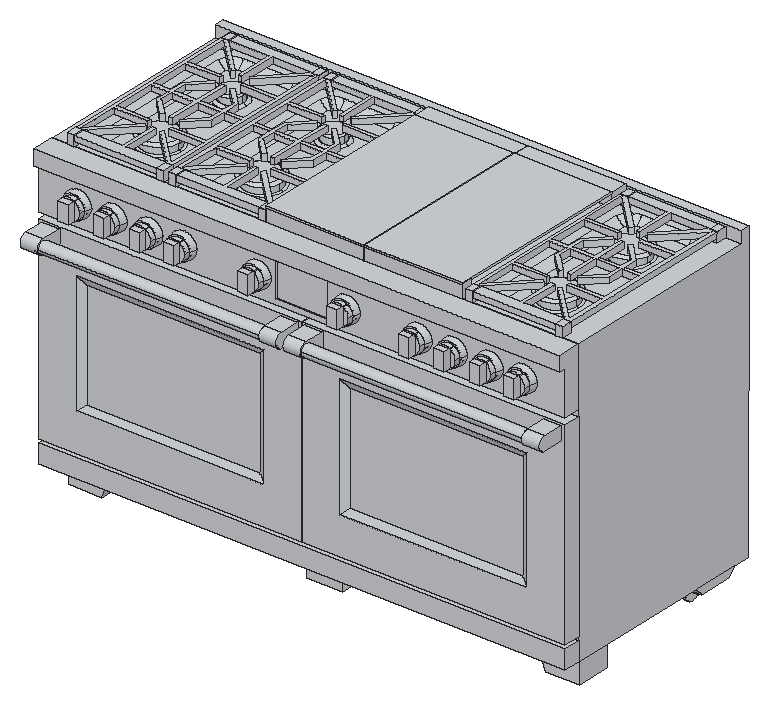
Revit family "DF60650DG_S_P", category Generic Models, Revit 2020
Family settings
  Can host rebar = No
  Round Connector Dimension = Use Diameter
  Part Type = Normal
  Work Plane-Based = No
  Always vertical = Yes
  Cut with Voids When Loaded = No
  Shared = No
  Room Calculation Point = No
Parameters
  Default Elevation = 0' - 0"
Reference planes (in)
  plane 1 "Center (Front/Back)": y = 0
  plane 2: z = 0
  plane 3 "Center (Left/Right)": x = 0
Forms (in)
  Extrusion 1, solid
    sketch origin (0, 0, 0) x (0, 1, 0) y (0, 0, 1)
      loop
        line (1.88976, 35.59055) -> (-0.70866, 35.59055) -> (-0.70866, 33.89764) -> (0, 33.89764) -> (0, 28.9252) -> (1.88976, 28.9252) -> (1.88976, 35.59055)
    from 0 to 59.88189
  Extrusion 2, solid
    sketch origin (0, 0, 0) x (0, 1, 0) y (0, 0, 1)
      loop
        line (26.14173, 36.9685) -> (25.15748, 36.9685) -> (25.15748, 35.59055) -> (1.9685, 35.59055) -> (1.9685, 3.14961) -> (26.14173, 3.14961) -> (26.14173, 36.9685)
    from 0 to 59.88189
  Extrusion 3, solid
    sketch origin (0, 0, 0) x (0, 1, 0) y (0, 0, 1)
      loop
        line (1.9685, 5.31496) -> (0, 5.31496) -> (0, 3.14961) -> (1.9685, 3.14961) -> (1.9685, 5.31496)
    from 0 to 59.88189
  Extrusion 4, solid
    sketch origin (0, 0, 0) x (0, 1, 0) y (0, 0, 1)
      loop
        line (0, 28.18898) -> (0, 5.70866) -> (1.9685, 5.70866) -> (1.9685, 28.18898) -> (0, 28.18898)
    from 0 to 29.94095
  Extrusion 5, solid
    sketch origin (0, 0, 0) x (0, 1, 0) y (0, 0, 1)
      loop
        line (0, 26.41732) -> (0, 27.99213) -> (-2.3622, 27.99213)
        arc (-2.3622, 27.99213) -> (-3.14961, 27.20472) -> (-2.3622, 26.41732) r 0.7874
        line (-2.3622, 26.41732) -> (0, 26.41732)
    from 0.40557 to 2.36419
  Extrusion 6, solid
    sketch origin (26.75, 0, 0) x (0, 1, 0) y (0, 0, 1)
      loop
        line (0, 26.41732) -> (0, 27.99213) -> (-2.3622, 27.99213)
        arc (-2.3622, 27.99213) -> (-3.14961, 27.20472) -> (-2.3622, 26.41732) r 0.7874
        line (-2.3622, 26.41732) -> (0, 26.41732)
    from 0.82874 to 2.76772
  Extrusion 7, solid
    sketch origin (0, 0, 0) x (0, 1, 0) y (0, 0, 1)
      loop
        circle (-2.41707, 27.24489) r 0.66649
    from 1.8261 to 27.57874
  Extrusion 8, solid
    sketch origin (0, 0, 0) x (1, 0, 0) y (0, 0, 1)
      loop
        line (0.84646, 3.14961) -> (0.84646, 0) -> (4.66535, 0) -> (5.90551, 3.14961) -> (0.84646, 3.14961)
    from -7.02923 to -3.18791
  Extrusion 9, solid
    sketch origin (30, 0, 0) x (1, 0, 0) y (0, 0, 1)
      loop
        line (23.97638, 3.14961) -> (25.21654, 0) -> (29.03543, 0) -> (29.03543, 3.14961) -> (23.97638, 3.14961)
    from -7.02923 to -3.18791
  Extrusion 10, solid
    sketch origin (0, 0, 0) x (0, 1, 0) y (0, 0, 1)
      loop
        line (24.17323, 3.14961) -> (18.66142, 3.14961) -> (19.45248, 2.27893) -> (23.38927, 2.27893) -> (24.17323, 3.14961)
    from 0 to 4.72441
  Extrusion 11, solid
    sketch origin (0, 0, 0) x (0, 1, 0) y (0, 0, 1)
      loop
        line (22.5954, 2.27893) -> (20.23924, 2.27893) -> (21.02362, 1.10236) -> (21.81102, 1.10236) -> (22.5954, 2.27893)
    from 1.5748 to 3.93701
  Extrusion 12, solid
    sketch origin (0, 0, 0) x (0, 1, 0) y (0, 0, 1)
      loop
        circle (21.41732, 1.10236) r 1.1236
    from 2.55906 to 2.95276
  Extrusion 13, solid
    sketch origin (55.15748, 0, 0) x (0, 1, 0) y (0, 0, 1)
      loop
        line (24.17323, 3.14961) -> (18.66142, 3.14961) -> (19.45248, 2.27893) -> (23.38927, 2.27893) -> (24.17323, 3.14961)
    from 0 to 4.72441
  Extrusion 14, solid
    sketch origin (54.3731, 0, 0) x (0, 1, 0) y (0, 0, 1)
      loop
        line (22.5954, 2.27893) -> (20.23924, 2.27893) -> (21.02362, 1.10236) -> (21.81102, 1.10236) -> (22.5954, 2.27893)
    from 1.5748 to 3.93701
  Extrusion 15, solid
    sketch origin (54.3731, 0, 0) x (0, 1, 0) y (0, 0, 1)
      loop
        circle (21.41732, 1.10236) r 1.1236
    from 2.55906 to 2.95276
  Blend 16, solid
    base sketch origin (0.90551, 0, 0) x (1, 0, 0) y (0, 0, 1)
      loop
        circle (3.62205, 31.31299) r 1.45314
    top sketch origin (0.90551, 0, 0) x (1, 0, 0) y (0, 0, 1)
      loop
        circle (3.62205, 31.31299) r 1.33532
    from 0 to 0.7874
  Extrusion 17, solid
    sketch origin (0.90551, 0, 0) x (1, 0, 0) y (0, 0, 1)
      loop
        circle (3.62205, 31.31299) r 1.21601
    from 0 to 1.37795
  Extrusion 18, solid
    sketch origin (0.90551, 0, 0) x (1, 0, 0) y (0, 0, 1)
      loop
        line (3.0315, 32.37598) -> (3.0315, 30.29013) -> (4.2126, 30.29013) -> (4.2126, 32.37598) -> (3.0315, 32.37598)
    from 0 to 2.15573
  Blend 19, solid, not visible
    base sketch origin (0, 0, 0) x (1, 0, 0) y (0, 0, 1)
      loop
        circle (3.62205, 31.31299) r 1.45314
    top sketch origin (0, 0, 0) x (1, 0, 0) y (0, 0, 1)
      loop
        circle (3.62205, 31.31299) r 1.33532
    from 0 to 0.7874
  Extrusion 20, solid, not visible
    sketch origin (0, 0, 0) x (1, 0, 0) y (0, 0, 1)
      loop
        circle (3.62205, 31.31299) r 1.21601
    from 0 to 1.37795
  Extrusion 21, solid, not visible
    sketch origin (0, 0, 0) x (1, 0, 0) y (0, 0, 1)
      loop
        line (3.0315, 32.37598) -> (3.0315, 30.29013) -> (4.2126, 30.29013) -> (4.2126, 32.37598) -> (3.0315, 32.37598)
    from 0 to 2.15573
  Blend 22, solid
    base sketch origin (4.92126, 0, 0) x (1, 0, 0) y (0, 0, 1)
      loop
        circle (3.62205, 31.31299) r 1.45314
    top sketch origin (4.92126, 0, 0) x (1, 0, 0) y (0, 0, 1)
      loop
        circle (3.62205, 31.31299) r 1.33532
    from 0 to 0.7874
  Extrusion 23, solid
    sketch origin (4.92126, 0, 0) x (1, 0, 0) y (0, 0, 1)
      loop
        circle (3.62205, 31.31299) r 1.21601
    from 0 to 1.37795
  Extrusion 24, solid
    sketch origin (4.92126, 0, 0) x (1, 0, 0) y (0, 0, 1)
      loop
        line (3.0315, 32.37598) -> (3.0315, 30.29013) -> (4.2126, 30.29013) -> (4.2126, 32.37598) -> (3.0315, 32.37598)
    from 0 to 2.15573
  Blend 25, solid
    base sketch origin (9.00306, 0, 0) x (1, 0, 0) y (0, 0, 1)
      loop
        circle (3.62205, 31.31299) r 1.45314
    top sketch origin (9.00306, 0, 0) x (1, 0, 0) y (0, 0, 1)
      loop
        circle (3.62205, 31.31299) r 1.33532
    from 0 to 0.7874
  Extrusion 26, solid
    sketch origin (9.00306, 0, 0) x (1, 0, 0) y (0, 0, 1)
      loop
        circle (3.62205, 31.31299) r 1.21601
    from 0 to 1.37795
  Extrusion 27, solid
    sketch origin (9.00306, 0, 0) x (1, 0, 0) y (0, 0, 1)
      loop
        line (3.0315, 32.37598) -> (3.0315, 30.29013) -> (4.2126, 30.29013) -> (4.2126, 32.37598) -> (3.0315, 32.37598)
    from 0 to 2.15573
  Blend 28, solid
    base sketch origin (12.87907, 0, 0) x (1, 0, 0) y (0, 0, 1)
      loop
        circle (3.62205, 31.31299) r 1.45314
    top sketch origin (12.87907, 0, 0) x (1, 0, 0) y (0, 0, 1)
      loop
        circle (3.62205, 31.31299) r 1.33532
    from 0 to 0.7874
  Extrusion 29, solid
    sketch origin (12.87907, 0, 0) x (1, 0, 0) y (0, 0, 1)
      loop
        circle (3.62205, 31.31299) r 1.21601
    from 0 to 1.37795
  Extrusion 30, solid
    sketch origin (12.87907, 0, 0) x (1, 0, 0) y (0, 0, 1)
      loop
        line (3.0315, 32.37598) -> (3.0315, 30.29013) -> (4.2126, 30.29013) -> (4.2126, 32.37598) -> (3.0315, 32.37598)
    from 0 to 2.15573
  Blend 31, solid
    base sketch origin (21.34072, 0, 0) x (1, 0, 0) y (0, 0, 1)
      loop
        circle (3.62205, 31.31299) r 1.45314
    top sketch origin (21.34072, 0, 0) x (1, 0, 0) y (0, 0, 1)
      loop
        circle (3.62205, 31.31299) r 1.33532
    from 0 to 0.7874
  Extrusion 32, solid
    sketch origin (21.34072, 0, 0) x (1, 0, 0) y (0, 0, 1)
      loop
        circle (3.62205, 31.31299) r 1.21601
    from 0 to 1.37795
  Extrusion 33, solid
    sketch origin (21.34072, 0, 0) x (1, 0, 0) y (0, 0, 1)
      loop
        line (3.0315, 32.37598) -> (3.0315, 30.29013) -> (4.2126, 30.29013) -> (4.2126, 32.37598) -> (3.0315, 32.37598)
    from 0 to 2.15573
  Extrusion 34, void
    sketch origin (0, 0, 0) x (1, 0, 0) y (0, 0, 1)
      loop
        line (32.92469, 33.47638) -> (26.96054, 33.47638) -> (26.96054, 29.46063) -> (32.92469, 29.46063) -> (32.92469, 33.47638)
    from -0.22861 to 12
  Blend 35, void
    base sketch origin (0, 0, 0) x (1, 0, 0) y (0, 0, 1)
      loop
        line (5.09843, 23.05118) -> (5.09843, 10.84646) -> (24.83268, 10.84646) -> (24.83268, 23.05118) -> (5.09843, 23.05118)
    top sketch origin (0, 0, 0) x (1, 0, 0) y (0, 0, 1)
      loop
        line (25.62008, 23.83858) -> (4.31102, 23.83858) -> (4.31102, 10.05905) -> (25.62008, 10.05905) -> (25.62008, 23.83858)
    from -0.3937 to 0
  Blend 36, void
    base sketch origin (0.17716, 0, 0) x (1, 0, 0) y (0, 1, 0)
      loop
        arc (4.14855, 22.95276) -> (3.56747, 22.71206) -> (3.32677, 22.13098) r 0.82178
        line (3.32677, 22.13098) -> (3.32677, 4.8769)
        arc (3.32677, 4.8769) -> (3.56747, 4.29581) -> (4.14855, 4.05512) r 0.82178
        line (4.14855, 4.05512) -> (9.98531, 4.05512)
        arc (9.98531, 4.05512) -> (10.56639, 4.29581) -> (10.80709, 4.8769) r 0.82178
        line (10.80709, 4.8769) -> (10.80709, 22.13098)
        arc (10.80709, 22.13098) -> (10.56639, 22.71206) -> (9.98531, 22.95276) r 0.82178
        line (9.98531, 22.95276) -> (4.14855, 22.95276)
    top sketch origin (0.17716, 0, 0) x (1, 0, 0) y (0, 1, 0)
      loop
        arc (4.12346, 23.74016) -> (2.98272, 23.26764) -> (2.5102, 22.1269) r 1.61326
        line (2.5102, 22.1269) -> (2.5102, 4.8769)
        arc (2.5102, 4.8769) -> (2.98101, 3.74026) -> (4.11765, 3.26945) r 1.60744
        line (4.11765, 3.26945) -> (10.0306, 3.26945)
        arc (10.0306, 3.26945) -> (11.13644, 3.7275) -> (11.59449, 4.83334) r 1.56388
        line (11.59449, 4.83334) -> (11.59449, 22.13098)
        arc (11.59449, 22.13098) -> (11.12317, 23.26884) -> (9.98531, 23.74016) r 1.60918
        line (9.98531, 23.74016) -> (4.12346, 23.74016)
    from 34.80848 to 35.59055
  Extrusion 37, solid
    sketch origin (0.17716, 0, 0) x (1, 0, 0) y (0, 1, 0)
      loop
        line (1.55512, 25.15748) -> (1.55512, 1.88976) -> (12.57874, 1.88976) -> (12.57874, 25.15748) -> (1.55512, 25.15748)
      loop
        line (2.22659, 23.93701) -> (6.25887, 19.90473) -> (5.97639, 19.62225) -> (1.94342, 23.65522) -> (1.94342, 18.58268) -> (5.88583, 18.58268) -> (5.88583, 18.18898) -> (1.94342, 18.18898) -> (1.94342, 13.70079) -> (3.91732, 13.70079) -> (3.91732, 15.35713) -> (5.94192, 17.38172) -> (6.22031, 17.10333) -> (4.31102, 15.19405) -> (4.31102, 13.70079) -> (6.87008, 13.70079) -> (6.87008, 17.27886) -> (7.26545, 17.27886) -> (7.26545, 13.70079) -> (9.82036, 13.70079) -> (9.82036, 15.19738) -> (7.91548, 17.10225) -> (8.19345, 17.38021) -> (10.21654, 15.35713) -> (10.21654, 13.70079) -> (12.18504, 13.70079) -> (12.18504, 18.18898) -> (8.24803, 18.18898) -> (8.24803, 18.58268) -> (12.18504, 18.58268) -> (12.18504, 23.65908) -> (8.15161, 19.62565) -> (7.86344, 19.91382) -> (11.88664, 23.93701) -> (7.26378, 23.93701) -> (7.26378, 19.6063) -> (6.87008, 19.6063) -> (6.87008, 23.93701) -> (2.22659, 23.93701)
      loop
        line (9.82036, 11.79288) -> (9.82036, 13.30709) -> (7.26545, 13.30709) -> (7.26545, 9.74409) -> (6.87008, 9.74409) -> (6.87008, 13.30709) -> (4.31102, 13.30709) -> (4.31102, 11.81382) -> (6.22187, 9.90297) -> (5.94348, 9.62459) -> (3.91732, 11.65075) -> (3.91732, 13.31073) -> (1.94342, 13.31073) -> (1.94342, 8.38583) -> (5.88583, 8.38583) -> (5.88583, 7.99213) -> (1.94342, 7.99213) -> (1.94342, 3.37305) -> (5.97438, 7.40401) -> (6.26736, 7.11102) -> (2.22655, 3.07021) -> (6.86986, 3.07021) -> (6.86986, 7.40401) -> (7.26545, 7.40401) -> (7.26545, 3.07021) -> (11.90457, 3.07021) -> (7.84812, 7.12666) -> (8.11918, 7.39772) -> (12.18504, 3.33186) -> (12.18504, 7.99213) -> (8.24803, 7.99213) -> (8.24803, 8.38583) -> (12.18504, 8.38583) -> (12.18504, 13.30709) -> (10.21654, 13.30709) -> (10.21654, 11.65075) -> (8.19038, 9.62459) -> (7.92122, 9.89374) -> (9.82036, 11.79288)
    from 36.10253 to 36.77165
  Extrusion 38, solid
    sketch origin (0.17716, 0, 0) x (1, 0, 0) y (0, 1, 0)
      loop
        line (11.79134, 3.07021) -> (11.79134, 1.88976) -> (12.57874, 1.88976) -> (12.57874, 3.07021) -> (11.79134, 3.07021)
      loop
        line (12.57874, 25.11811) -> (11.79134, 25.11811) -> (11.79134, 23.93701) -> (12.57874, 23.93701) -> (12.57874, 25.11811)
      loop
        line (1.55512, 25.11811) -> (1.55512, 23.93701) -> (2.34252, 23.93701) -> (2.34252, 25.11811) -> (1.55512, 25.11811)
      loop
        line (2.34252, 3.07021) -> (1.55512, 3.07021) -> (1.55512, 1.88976) -> (2.34252, 1.88976) -> (2.34252, 3.07021)
    from 35.59055 to 36.77165
  Extrusion 39, solid
    sketch origin (45.5315, 0, 0) x (1, 0, 0) y (0, 1, 0)
      loop
        line (11.79134, 3.07021) -> (11.79134, 1.88976) -> (12.57874, 1.88976) -> (12.57874, 3.07021) -> (11.79134, 3.07021)
      loop
        line (12.57874, 25.11811) -> (11.79134, 25.11811) -> (11.79134, 23.93701) -> (12.57874, 23.93701) -> (12.57874, 25.11811)
      loop
        line (1.55512, 25.11811) -> (1.55512, 23.93701) -> (2.34252, 23.93701) -> (2.34252, 25.11811) -> (1.55512, 25.11811)
      loop
        line (2.34252, 3.07021) -> (1.55512, 3.07021) -> (1.55512, 1.88976) -> (2.34252, 1.88976) -> (2.34252, 3.07021)
    from 35.59055 to 36.77165
  Blend 40, solid
    base sketch origin (0.17716, 0, 0) x (1, 0, 0) y (0, 1, 0)
      loop
        circle (7.09071, 18.35456) r 1.75898
    top sketch origin (0.17716, 0, 0) x (1, 0, 0) y (0, 1, 0)
      loop
        circle (7.09071, 18.35456) r 1.42487
    from 34.80848 to 34.99711
  Blend 41, solid
    base sketch origin (0.17716, -10.19685, 0) x (1, 0, 0) y (0, 1, 0)
      loop
        circle (7.09071, 18.35456) r 2.38325
    top sketch origin (0.17716, -10.19685, 0) x (1, 0, 0) y (0, 1, 0)
      loop
        circle (7.09071, 18.35456) r 2
    from 34.80848 to 34.99711
  Extrusion 42, solid
    sketch origin (0.17716, 0, 0) x (1, 0, 0) y (0, 1, 0)
      loop
        circle (7.10752, 18.34098) r 1.28657
    from 34.80848 to 35.7874
  Extrusion 43, solid
    sketch origin (0.17716, -10.19685, 0) x (1, 0, 0) y (0, 1, 0)
      loop
        circle (7.10752, 18.34098) r 2.08832
    from 34.80848 to 35.7874
  Blend 44, solid
    base sketch origin (0.17716, 0, 0.97892) x (1, 0, 0) y (0, 1, 0)
      loop
        circle (7.09071, 18.35456) r 1.42487
    top sketch origin (0.17716, 0, 0.97892) x (1, 0, 0) y (0, 1, 0)
      loop
        circle (7.09071, 18.35456) r 1.25
    from 34.80848 to 34.99711
  Blend 45, solid
    base sketch origin (0.17716, -10.19685, 0.97892) x (1, 0, 0) y (0, 1, 0)
      loop
        circle (7.09071, 18.35456) r 2.38325
    top sketch origin (0.17716, -10.19685, 0.97892) x (1, 0, 0) y (0, 1, 0)
      loop
        circle (7.09071, 18.35456) r 2
    from 34.80848 to 34.99711
  Extrusion 46, solid
    sketch origin (27.97244, 0, 0) x (0, 1, 0) y (0, 0, 1)
      loop
        line (24.17323, 3.14961) -> (18.66142, 3.14961) -> (19.45248, 2.27893) -> (23.38927, 2.27893) -> (24.17323, 3.14961)
    from -0.7874 to 4.72441
  Extrusion 47, solid
    sketch origin (27.18504, 0, 0) x (0, 1, 0) y (0, 0, 1)
      loop
        line (22.5954, 2.27893) -> (20.23924, 2.27893) -> (21.02362, 1.10236) -> (21.81102, 1.10236) -> (22.5954, 2.27893)
    from 1.5748 to 3.93701
  Extrusion 48, solid
    sketch origin (27.18504, 0, 0) x (0, 1, 0) y (0, 0, 1)
      loop
        circle (21.41732, 1.10236) r 1.1236
    from 2.55906 to 2.95276
  Extrusion 49, solid
    sketch origin (12.14567, 0, 0) x (1, 0, 0) y (0, 0, 1)
      loop
        line (15.82677, 0) -> (19.96063, 0) -> (19.96063, 3.14961) -> (15.82677, 3.14961) -> (15.82677, 0)
    from -7.02923 to -3.18791
  Extrusion 50, solid
    sketch origin (30, 0, 0) x (0, 1, 0) y (0, 0, 1)
      loop
        line (0, 28.18898) -> (0, 5.70866) -> (1.9685, 5.70866) -> (1.9685, 28.18898) -> (0, 28.18898)
    from -0.05905 to 29.88189
  Blend 51, void
    base sketch origin (30, 0, 0) x (1, 0, 0) y (0, 0, 1)
      loop
        line (5.04921, 23.05118) -> (5.04921, 10.84646) -> (24.77362, 10.84646) -> (24.77362, 23.05118) -> (5.04921, 23.05118)
    top sketch origin (30, 0, 0) x (1, 0, 0) y (0, 0, 1)
      loop
        line (25.56103, 23.83858) -> (4.26181, 23.83858) -> (4.26181, 10.05905) -> (25.56103, 10.05905) -> (25.56103, 23.83858)
    from -0.3937 to 0
  Extrusion 52, solid
    sketch origin (30.06421, 0, 0) x (0, 1, 0) y (0, 0, 1)
      loop
        line (0, 26.41732) -> (0, 27.99213) -> (-2.3622, 27.99213)
        arc (-2.3622, 27.99213) -> (-3.14961, 27.20472) -> (-2.3622, 26.41732) r 0.7874
        line (-2.3622, 26.41732) -> (0, 26.41732)
    from 0.27044 to 2.23894
  Extrusion 53, solid
    sketch origin (56.81421, 0, 0) x (0, 1, 0) y (0, 0, 1)
      loop
        line (0, 26.41732) -> (0, 27.99213) -> (-2.3622, 27.99213)
        arc (-2.3622, 27.99213) -> (-3.14961, 27.20472) -> (-2.3622, 26.41732) r 0.7874
        line (-2.3622, 26.41732) -> (0, 26.41732)
    from 0.7132 to 2.67398
  Extrusion 54, solid
    sketch origin (30.06421, 0, 0) x (0, 1, 0) y (0, 0, 1)
      loop
        circle (-2.41707, 27.24489) r 0.66649
    from 1.91641 to 27.4632
  Blend 55, solid
    base sketch origin (31.48989, 0, 0) x (1, 0, 0) y (0, 0, 1)
      loop
        circle (3.62205, 31.31299) r 1.45314
    top sketch origin (31.48989, 0, 0) x (1, 0, 0) y (0, 0, 1)
      loop
        circle (3.62205, 31.31299) r 1.33532
    from 0 to 0.7874
  Extrusion 56, solid
    sketch origin (31.48989, 0, 0) x (1, 0, 0) y (0, 0, 1)
      loop
        circle (3.62205, 31.31299) r 1.21601
    from 0 to 1.37795
  Extrusion 57, solid
    sketch origin (31.48989, 0, 0) x (1, 0, 0) y (0, 0, 1)
      loop
        line (3.0315, 32.37598) -> (3.0315, 30.29013) -> (4.2126, 30.29013) -> (4.2126, 32.37598) -> (3.0315, 32.37598)
    from 0 to 2.15573
  Blend 58, void, not visible
    base sketch origin (-0.55118, 0, 0) x (1, 0, 0) y (0, 1, 0)
      loop
        arc (4.14855, 22.95276) -> (3.56747, 22.71206) -> (3.32677, 22.13098) r 0.82178
        line (3.32677, 22.13098) -> (3.32677, 4.8769)
        arc (3.32677, 4.8769) -> (3.56747, 4.29581) -> (4.14855, 4.05512) r 0.82178
        line (4.14855, 4.05512) -> (9.98531, 4.05512)
        arc (9.98531, 4.05512) -> (10.56639, 4.29581) -> (10.80709, 4.8769) r 0.82178
        line (10.80709, 4.8769) -> (10.80709, 22.13098)
        arc (10.80709, 22.13098) -> (10.56639, 22.71206) -> (9.98531, 22.95276) r 0.82178
        line (9.98531, 22.95276) -> (4.14855, 22.95276)
    top sketch origin (-0.55118, 0, 0) x (1, 0, 0) y (0, 1, 0)
      loop
        arc (4.12346, 23.74016) -> (2.98272, 23.26764) -> (2.5102, 22.1269) r 1.61326
        line (2.5102, 22.1269) -> (2.5102, 4.8769)
        arc (2.5102, 4.8769) -> (2.98101, 3.74026) -> (4.11765, 3.26945) r 1.60744
        line (4.11765, 3.26945) -> (10.0306, 3.26945)
        arc (10.0306, 3.26945) -> (11.13644, 3.7275) -> (11.59449, 4.83334) r 1.56388
        line (11.59449, 4.83334) -> (11.59449, 22.13098)
        arc (11.59449, 22.13098) -> (11.12317, 23.26884) -> (9.98531, 23.74016) r 1.60918
        line (9.98531, 23.74016) -> (4.12346, 23.74016)
    from 34.80848 to 35.59055
  Extrusion 59, solid, not visible
    sketch origin (-0.55118, 0, 0) x (1, 0, 0) y (0, 1, 0)
      loop
        line (1.55512, 25.15748) -> (1.55512, 1.88976) -> (12.57874, 1.88976) -> (12.57874, 25.15748) -> (1.55512, 25.15748)
      loop
        line (2.22659, 23.93701) -> (6.25887, 19.90473) -> (5.97639, 19.62225) -> (1.94342, 23.65522) -> (1.94342, 18.58268) -> (5.88583, 18.58268) -> (5.88583, 18.18898) -> (1.94342, 18.18898) -> (1.94342, 13.70079) -> (3.91732, 13.70079) -> (3.91732, 15.35713) -> (5.94192, 17.38172) -> (6.22031, 17.10333) -> (4.31102, 15.19405) -> (4.31102, 13.70079) -> (6.87008, 13.70079) -> (6.87008, 17.27886) -> (7.26545, 17.27886) -> (7.26545, 13.70079) -> (9.82036, 13.70079) -> (9.82036, 15.19738) -> (7.91548, 17.10225) -> (8.19345, 17.38021) -> (10.21654, 15.35713) -> (10.21654, 13.70079) -> (12.18504, 13.70079) -> (12.18504, 18.18898) -> (8.24803, 18.18898) -> (8.24803, 18.58268) -> (12.18504, 18.58268) -> (12.18504, 23.65908) -> (8.15161, 19.62565) -> (7.86344, 19.91382) -> (11.88664, 23.93701) -> (7.26378, 23.93701) -> (7.26378, 19.6063) -> (6.87008, 19.6063) -> (6.87008, 23.93701) -> (2.22659, 23.93701)
      loop
        line (9.82036, 11.79288) -> (9.82036, 13.30709) -> (7.26545, 13.30709) -> (7.26545, 9.74409) -> (6.87008, 9.74409) -> (6.87008, 13.30709) -> (4.31102, 13.30709) -> (4.31102, 11.81382) -> (6.22187, 9.90297) -> (5.94348, 9.62459) -> (3.91732, 11.65075) -> (3.91732, 13.31073) -> (1.94342, 13.31073) -> (1.94342, 8.38583) -> (5.88583, 8.38583) -> (5.88583, 7.99213) -> (1.94342, 7.99213) -> (1.94342, 3.37305) -> (5.97438, 7.40401) -> (6.26736, 7.11102) -> (2.22655, 3.07021) -> (6.86986, 3.07021) -> (6.86986, 7.40401) -> (7.26545, 7.40401) -> (7.26545, 3.07021) -> (11.90457, 3.07021) -> (7.84812, 7.12666) -> (8.11918, 7.39772) -> (12.18504, 3.33186) -> (12.18504, 7.99213) -> (8.24803, 7.99213) -> (8.24803, 8.38583) -> (12.18504, 8.38583) -> (12.18504, 13.30709) -> (10.21654, 13.30709) -> (10.21654, 11.65075) -> (8.19038, 9.62459) -> (7.92122, 9.89374) -> (9.82036, 11.79288)
    from 36.10253 to 36.77165
  Extrusion 60, solid, not visible
    sketch origin (-0.55118, 0, 0) x (1, 0, 0) y (0, 1, 0)
      loop
        line (11.79134, 3.07021) -> (11.79134, 1.88976) -> (12.57874, 1.88976) -> (12.57874, 3.07021) -> (11.79134, 3.07021)
      loop
        line (12.57874, 25.11811) -> (11.79134, 25.11811) -> (11.79134, 23.93701) -> (12.57874, 23.93701) -> (12.57874, 25.11811)
      loop
        line (1.55512, 25.11811) -> (1.55512, 23.93701) -> (2.34252, 23.93701) -> (2.34252, 25.11811) -> (1.55512, 25.11811)
      loop
        line (2.34252, 3.07021) -> (1.55512, 3.07021) -> (1.55512, 1.88976) -> (2.34252, 1.88976) -> (2.34252, 3.07021)
    from 35.59055 to 36.77165
  Blend 61, solid, not visible
    base sketch origin (-0.55118, 0, 0) x (1, 0, 0) y (0, 1, 0)
      loop
        circle (7.09071, 18.35456) r 1.75898
    top sketch origin (-0.55118, 0, 0) x (1, 0, 0) y (0, 1, 0)
      loop
        circle (7.09071, 18.35456) r 1.42487
    from 34.80848 to 34.99711
  Blend 62, solid, not visible
    base sketch origin (-0.55118, -10.19685, 0) x (1, 0, 0) y (0, 1, 0)
      loop
        circle (7.09071, 18.35456) r 2.38325
    top sketch origin (-0.55118, -10.19685, 0) x (1, 0, 0) y (0, 1, 0)
      loop
        circle (7.09071, 18.35456) r 2
    from 34.80848 to 34.99711
  Extrusion 63, solid, not visible
    sketch origin (-0.55118, 0, 0) x (1, 0, 0) y (0, 1, 0)
      loop
        circle (7.10752, 18.34098) r 1.28657
    from 34.80848 to 35.7874
  Extrusion 64, solid, not visible
    sketch origin (-0.55118, -10.19685, 0) x (1, 0, 0) y (0, 1, 0)
      loop
        circle (7.10752, 18.34098) r 2.08832
    from 34.80848 to 35.7874
  Blend 65, solid, not visible
    base sketch origin (-0.55118, 0, 0.97892) x (1, 0, 0) y (0, 1, 0)
      loop
        circle (7.09071, 18.35456) r 1.42487
    top sketch origin (-0.55118, 0, 0.97892) x (1, 0, 0) y (0, 1, 0)
      loop
        circle (7.09071, 18.35456) r 1.25
    from 34.80848 to 34.99711
  Blend 66, solid, not visible
    base sketch origin (-0.55118, -10.19685, 0.97892) x (1, 0, 0) y (0, 1, 0)
      loop
        circle (7.09071, 18.35456) r 2.38325
    top sketch origin (-0.55118, -10.19685, 0.97892) x (1, 0, 0) y (0, 1, 0)
      loop
        circle (7.09071, 18.35456) r 2
    from 34.80848 to 34.99711
  Blend 67, solid
    base sketch origin (39.65551, 0, 0) x (1, 0, 0) y (0, 0, 1)
      loop
        circle (3.62205, 31.31299) r 1.45314
    top sketch origin (39.65551, 0, 0) x (1, 0, 0) y (0, 0, 1)
      loop
        circle (3.62205, 31.31299) r 1.33532
    from 0 to 0.7874
  Extrusion 68, solid
    sketch origin (39.65551, 0, 0) x (1, 0, 0) y (0, 0, 1)
      loop
        circle (3.62205, 31.31299) r 1.21601
    from 0 to 1.37795
  Extrusion 69, solid
    sketch origin (39.65551, 0, 0) x (1, 0, 0) y (0, 0, 1)
      loop
        line (3.0315, 32.37598) -> (3.0315, 30.29013) -> (4.2126, 30.29013) -> (4.2126, 32.37598) -> (3.0315, 32.37598)
    from 0 to 2.15573
  Blend 70, solid
    base sketch origin (43.67126, 0, 0) x (1, 0, 0) y (0, 0, 1)
      loop
        circle (3.62205, 31.31299) r 1.45314
    top sketch origin (43.67126, 0, 0) x (1, 0, 0) y (0, 0, 1)
      loop
        circle (3.62205, 31.31299) r 1.33532
    from 0 to 0.7874
  Extrusion 71, solid
    sketch origin (43.67126, 0, 0) x (1, 0, 0) y (0, 0, 1)
      loop
        circle (3.62205, 31.31299) r 1.21601
    from 0 to 1.37795
  Extrusion 72, solid
    sketch origin (43.67126, 0, 0) x (1, 0, 0) y (0, 0, 1)
      loop
        line (3.0315, 32.37598) -> (3.0315, 30.29013) -> (4.2126, 30.29013) -> (4.2126, 32.37598) -> (3.0315, 32.37598)
    from 0 to 2.15573
  Blend 73, solid
    base sketch origin (47.75306, 0, 0) x (1, 0, 0) y (0, 0, 1)
      loop
        circle (3.62205, 31.31299) r 1.45314
    top sketch origin (47.75306, 0, 0) x (1, 0, 0) y (0, 0, 1)
      loop
        circle (3.62205, 31.31299) r 1.33532
    from 0 to 0.7874
  Extrusion 74, solid
    sketch origin (47.75306, 0, 0) x (1, 0, 0) y (0, 0, 1)
      loop
        circle (3.62205, 31.31299) r 1.21601
    from 0 to 1.37795
  Extrusion 75, solid
    sketch origin (47.75306, 0, 0) x (1, 0, 0) y (0, 0, 1)
      loop
        line (3.0315, 32.37598) -> (3.0315, 30.29013) -> (4.2126, 30.29013) -> (4.2126, 32.37598) -> (3.0315, 32.37598)
    from 0 to 2.15573
  Blend 76, solid
    base sketch origin (51.62907, 0, 0) x (1, 0, 0) y (0, 0, 1)
      loop
        circle (3.62205, 31.31299) r 1.45314
    top sketch origin (51.62907, 0, 0) x (1, 0, 0) y (0, 0, 1)
      loop
        circle (3.62205, 31.31299) r 1.33532
    from 0 to 0.7874
  Extrusion 77, solid
    sketch origin (51.62907, 0, 0) x (1, 0, 0) y (0, 0, 1)
      loop
        circle (3.62205, 31.31299) r 1.21601
    from 0 to 1.37795
  Extrusion 78, solid
    sketch origin (51.62907, 0, 0) x (1, 0, 0) y (0, 0, 1)
      loop
        line (3.0315, 32.37598) -> (3.0315, 30.29013) -> (4.2126, 30.29013) -> (4.2126, 32.37598) -> (3.0315, 32.37598)
    from 0 to 2.15573
  Extrusion 79, solid
    sketch origin (11.76772, 0, 0) x (1, 0, 0) y (0, 1, 0)
      loop
        line (1.55512, 25.15748) -> (1.55512, 1.88976) -> (12.57874, 1.88976) -> (12.57874, 25.15748) -> (1.55512, 25.15748)
      loop
        line (2.22659, 23.93701) -> (6.25887, 19.90473) -> (5.97639, 19.62225) -> (1.94342, 23.65522) -> (1.94342, 18.58268) -> (5.88583, 18.58268) -> (5.88583, 18.18898) -> (1.94342, 18.18898) -> (1.94342, 13.70079) -> (3.91732, 13.70079) -> (3.91732, 15.35713) -> (5.94192, 17.38172) -> (6.22031, 17.10333) -> (4.31102, 15.19405) -> (4.31102, 13.70079) -> (6.87008, 13.70079) -> (6.87008, 17.27886) -> (7.26545, 17.27886) -> (7.26545, 13.70079) -> (9.82036, 13.70079) -> (9.82036, 15.19738) -> (7.91548, 17.10225) -> (8.19345, 17.38021) -> (10.21654, 15.35713) -> (10.21654, 13.70079) -> (12.18504, 13.70079) -> (12.18504, 18.18898) -> (8.24803, 18.18898) -> (8.24803, 18.58268) -> (12.18504, 18.58268) -> (12.18504, 23.65908) -> (8.15161, 19.62565) -> (7.86344, 19.91382) -> (11.88664, 23.93701) -> (7.26378, 23.93701) -> (7.26378, 19.6063) -> (6.87008, 19.6063) -> (6.87008, 23.93701) -> (2.22659, 23.93701)
      loop
        line (9.82036, 11.79288) -> (9.82036, 13.30709) -> (7.26545, 13.30709) -> (7.26545, 9.74409) -> (6.87008, 9.74409) -> (6.87008, 13.30709) -> (4.31102, 13.30709) -> (4.31102, 11.81382) -> (6.22187, 9.90297) -> (5.94348, 9.62459) -> (3.91732, 11.65075) -> (3.91732, 13.31073) -> (1.94342, 13.31073) -> (1.94342, 8.38583) -> (5.88583, 8.38583) -> (5.88583, 7.99213) -> (1.94342, 7.99213) -> (1.94342, 3.37305) -> (5.97438, 7.40401) -> (6.26736, 7.11102) -> (2.22655, 3.07021) -> (6.86986, 3.07021) -> (6.86986, 7.40401) -> (7.26545, 7.40401) -> (7.26545, 3.07021) -> (11.90457, 3.07021) -> (7.84812, 7.12666) -> (8.11918, 7.39772) -> (12.18504, 3.33186) -> (12.18504, 7.99213) -> (8.24803, 7.99213) -> (8.24803, 8.38583) -> (12.18504, 8.38583) -> (12.18504, 13.30709) -> (10.21654, 13.30709) -> (10.21654, 11.65075) -> (8.19038, 9.62459) -> (7.92122, 9.89374) -> (9.82036, 11.79288)
    from 36.10253 to 36.77165
  Extrusion 80, solid
    sketch origin (11.76772, 0, 0) x (1, 0, 0) y (0, 1, 0)
      loop
        line (11.79134, 3.07021) -> (11.79134, 1.88976) -> (12.57874, 1.88976) -> (12.57874, 3.07021) -> (11.79134, 3.07021)
      loop
        line (12.57874, 25.11811) -> (11.79134, 25.11811) -> (11.79134, 23.93701) -> (12.57874, 23.93701) -> (12.57874, 25.11811)
      loop
        line (1.55512, 25.11811) -> (1.55512, 23.93701) -> (2.34252, 23.93701) -> (2.34252, 25.11811) -> (1.55512, 25.11811)
      loop
        line (2.34252, 3.07021) -> (1.55512, 3.07021) -> (1.55512, 1.88976) -> (2.34252, 1.88976) -> (2.34252, 3.07021)
    from 35.59055 to 36.77165
  Blend 81, solid
    base sketch origin (11.76772, 0, 0) x (1, 0, 0) y (0, 1, 0)
      loop
        circle (7.09071, 18.35456) r 1.75898
    top sketch origin (11.76772, 0, 0) x (1, 0, 0) y (0, 1, 0)
      loop
        circle (7.09071, 18.35456) r 1.42487
    from 34.80848 to 34.99711
  Blend 82, solid
    base sketch origin (11.76772, -10.19685, 0) x (1, 0, 0) y (0, 1, 0)
      loop
        circle (7.09071, 18.35456) r 2.38325
    top sketch origin (11.76772, -10.19685, 0) x (1, 0, 0) y (0, 1, 0)
      loop
        circle (7.09071, 18.35456) r 2
    from 34.80848 to 34.99711
  Extrusion 83, solid
    sketch origin (11.76772, 0, 0) x (1, 0, 0) y (0, 1, 0)
      loop
        circle (7.10752, 18.34098) r 1.28657
    from 34.80848 to 35.7874
  Extrusion 84, solid
    sketch origin (11.76772, -10.19685, 0) x (1, 0, 0) y (0, 1, 0)
      loop
        circle (7.10752, 18.34098) r 2.08832
    from 34.80848 to 35.7874
  Blend 85, solid
    base sketch origin (11.76772, 0, 0.97892) x (1, 0, 0) y (0, 1, 0)
      loop
        circle (7.09071, 18.35456) r 1.42487
    top sketch origin (11.76772, 0, 0.97892) x (1, 0, 0) y (0, 1, 0)
      loop
        circle (7.09071, 18.35456) r 1.25
    from 34.80848 to 34.99711
  Blend 86, solid
    base sketch origin (11.76772, -10.19685, 0.97892) x (1, 0, 0) y (0, 1, 0)
      loop
        circle (7.09071, 18.35456) r 2.38325
    top sketch origin (11.76772, -10.19685, 0.97892) x (1, 0, 0) y (0, 1, 0)
      loop
        circle (7.09071, 18.35456) r 2
    from 34.80848 to 34.99711
  Blend 87, void
    base sketch origin (11.76772, 0, 0) x (1, 0, 0) y (0, 1, 0)
      loop
        arc (4.14855, 22.95276) -> (3.56747, 22.71206) -> (3.32677, 22.13098) r 0.82178
        line (3.32677, 22.13098) -> (3.32677, 4.8769)
        arc (3.32677, 4.8769) -> (3.56747, 4.29581) -> (4.14855, 4.05512) r 0.82178
        line (4.14855, 4.05512) -> (9.98531, 4.05512)
        arc (9.98531, 4.05512) -> (10.56639, 4.29581) -> (10.80709, 4.8769) r 0.82178
        line (10.80709, 4.8769) -> (10.80709, 22.13098)
        arc (10.80709, 22.13098) -> (10.56639, 22.71206) -> (9.98531, 22.95276) r 0.82178
        line (9.98531, 22.95276) -> (4.14855, 22.95276)
    top sketch origin (11.76772, 0, 0) x (1, 0, 0) y (0, 1, 0)
      loop
        arc (4.12346, 23.74016) -> (2.98272, 23.26764) -> (2.5102, 22.1269) r 1.61326
        line (2.5102, 22.1269) -> (2.5102, 4.8769)
        arc (2.5102, 4.8769) -> (2.98101, 3.74026) -> (4.11765, 3.26945) r 1.60744
        line (4.11765, 3.26945) -> (10.0306, 3.26945)
        arc (10.0306, 3.26945) -> (11.13644, 3.7275) -> (11.59449, 4.83334) r 1.56388
        line (11.59449, 4.83334) -> (11.59449, 22.13098)
        arc (11.59449, 22.13098) -> (11.12317, 23.26884) -> (9.98531, 23.74016) r 1.60918
        line (9.98531, 23.74016) -> (4.12346, 23.74016)
    from 34.80848 to 35.59055
  Extrusion 88, solid
    sketch origin (45.5315, 0, 0) x (1, 0, 0) y (0, 1, 0)
      loop
        line (1.55512, 25.15748) -> (1.55512, 1.88976) -> (12.57874, 1.88976) -> (12.57874, 25.15748) -> (1.55512, 25.15748)
      loop
        line (2.22659, 23.93701) -> (6.25887, 19.90473) -> (5.97639, 19.62225) -> (1.94342, 23.65522) -> (1.94342, 18.58268) -> (5.88583, 18.58268) -> (5.88583, 18.18898) -> (1.94342, 18.18898) -> (1.94342, 13.70079) -> (3.91732, 13.70079) -> (3.91732, 15.35713) -> (5.94192, 17.38172) -> (6.22031, 17.10333) -> (4.31102, 15.19405) -> (4.31102, 13.70079) -> (6.87008, 13.70079) -> (6.87008, 17.27886) -> (7.26545, 17.27886) -> (7.26545, 13.70079) -> (9.82036, 13.70079) -> (9.82036, 15.19738) -> (7.91548, 17.10225) -> (8.19345, 17.38021) -> (10.21654, 15.35713) -> (10.21654, 13.70079) -> (12.18504, 13.70079) -> (12.18504, 18.18898) -> (8.24803, 18.18898) -> (8.24803, 18.58268) -> (12.18504, 18.58268) -> (12.18504, 23.65908) -> (8.15161, 19.62565) -> (7.86344, 19.91382) -> (11.88664, 23.93701) -> (7.26378, 23.93701) -> (7.26378, 19.6063) -> (6.87008, 19.6063) -> (6.87008, 23.93701) -> (2.22659, 23.93701)
      loop
        line (9.82036, 11.79288) -> (9.82036, 13.30709) -> (7.26545, 13.30709) -> (7.26545, 9.74409) -> (6.87008, 9.74409) -> (6.87008, 13.30709) -> (4.31102, 13.30709) -> (4.31102, 11.81382) -> (6.22187, 9.90297) -> (5.94348, 9.62459) -> (3.91732, 11.65075) -> (3.91732, 13.31073) -> (1.94342, 13.31073) -> (1.94342, 8.38583) -> (5.88583, 8.38583) -> (5.88583, 7.99213) -> (1.94342, 7.99213) -> (1.94342, 3.37305) -> (5.97438, 7.40401) -> (6.26736, 7.11102) -> (2.22655, 3.07021) -> (6.86986, 3.07021) -> (6.86986, 7.40401) -> (7.26545, 7.40401) -> (7.26545, 3.07021) -> (11.90457, 3.07021) -> (7.84812, 7.12666) -> (8.11918, 7.39772) -> (12.18504, 3.33186) -> (12.18504, 7.99213) -> (8.24803, 7.99213) -> (8.24803, 8.38583) -> (12.18504, 8.38583) -> (12.18504, 13.30709) -> (10.21654, 13.30709) -> (10.21654, 11.65075) -> (8.19038, 9.62459) -> (7.92122, 9.89374) -> (9.82036, 11.79288)
    from 36.10253 to 36.77165
  Blend 89, solid
    base sketch origin (45.5315, 0, 0) x (1, 0, 0) y (0, 1, 0)
      loop
        circle (7.09071, 18.35456) r 2.38325
    top sketch origin (45.5315, 0, 0) x (1, 0, 0) y (0, 1, 0)
      loop
        circle (7.09071, 18.35456) r 2
    from 34.80848 to 34.99711
  Extrusion 90, solid
    sketch origin (45.5315, 0, 0) x (1, 0, 0) y (0, 1, 0)
      loop
        circle (7.10752, 18.34098) r 2.08832
    from 34.80848 to 35.7874
  Blend 91, solid
    base sketch origin (45.5315, 0, 0.97892) x (1, 0, 0) y (0, 1, 0)
      loop
        circle (7.09071, 18.35456) r 2.38325
    top sketch origin (45.5315, 0, 0.97892) x (1, 0, 0) y (0, 1, 0)
      loop
        circle (7.09071, 18.35456) r 2
    from 34.80848 to 34.99711
  Blend 92, solid
    base sketch origin (45.5315, -10.19685, 0) x (1, 0, 0) y (0, 1, 0)
      loop
        circle (7.09071, 18.35456) r 2.38325
    top sketch origin (45.5315, -10.19685, 0) x (1, 0, 0) y (0, 1, 0)
      loop
        circle (7.09071, 18.35456) r 2
    from 34.80848 to 34.99711
  Extrusion 93, solid
    sketch origin (45.5315, -10.19685, 0) x (1, 0, 0) y (0, 1, 0)
      loop
        circle (7.10752, 18.34098) r 2.08832
    from 34.80848 to 35.7874
  Blend 94, solid
    base sketch origin (45.5315, -10.19685, 0.97892) x (1, 0, 0) y (0, 1, 0)
      loop
        circle (7.09071, 18.35456) r 2.38325
    top sketch origin (45.5315, -10.19685, 0.97892) x (1, 0, 0) y (0, 1, 0)
      loop
        circle (7.09071, 18.35456) r 2
    from 34.80848 to 34.99711
  Blend 95, void
    base sketch origin (45.5315, 0, 0) x (1, 0, 0) y (0, 1, 0)
      loop
        arc (4.14855, 22.95276) -> (3.56747, 22.71206) -> (3.32677, 22.13098) r 0.82178
        line (3.32677, 22.13098) -> (3.32677, 4.8769)
        arc (3.32677, 4.8769) -> (3.56747, 4.29581) -> (4.14855, 4.05512) r 0.82178
        line (4.14855, 4.05512) -> (9.98531, 4.05512)
        arc (9.98531, 4.05512) -> (10.56639, 4.29581) -> (10.80709, 4.8769) r 0.82178
        line (10.80709, 4.8769) -> (10.80709, 22.13098)
        arc (10.80709, 22.13098) -> (10.56639, 22.71206) -> (9.98531, 22.95276) r 0.82178
        line (9.98531, 22.95276) -> (4.14855, 22.95276)
    top sketch origin (45.5315, 0, 0) x (1, 0, 0) y (0, 1, 0)
      loop
        arc (4.12346, 23.74016) -> (2.98272, 23.26764) -> (2.5102, 22.1269) r 1.61326
        line (2.5102, 22.1269) -> (2.5102, 4.8769)
        arc (2.5102, 4.8769) -> (2.98101, 3.74026) -> (4.11765, 3.26945) r 1.60744
        line (4.11765, 3.26945) -> (10.0306, 3.26945)
        arc (10.0306, 3.26945) -> (11.13644, 3.7275) -> (11.59449, 4.83334) r 1.56388
        line (11.59449, 4.83334) -> (11.59449, 22.13098)
        arc (11.59449, 22.13098) -> (11.12317, 23.26884) -> (9.98531, 23.74016) r 1.60918
        line (9.98531, 23.74016) -> (4.12346, 23.74016)
    from 34.80848 to 35.59055
  Extrusion 96, solid
    sketch origin (0, 0, 0) x (1, 0, 0) y (0, 1, 0)
      loop
        line (24.34646, 25.11811) -> (24.34646, 23.14961) -> (35.53543, 23.14961) -> (35.53543, 25.11811) -> (24.34646, 25.11811)
    from 35.59055 to 37.12216
  Extrusion 97, solid
    sketch origin (0, -1.9685, 0) x (1, 0, 0) y (0, 1, 0)
      loop
        line (24.34646, 25.11811) -> (24.34646, 3.85827) -> (35.53543, 3.85827) -> (35.53543, 25.11811) -> (24.34646, 25.11811)
    from 37.00788 to 37.20514
  Extrusion 98, solid
    sketch origin (0, -21.25984, 0) x (1, 0, 0) y (0, 1, 0)
      loop
        line (24.34646, 24.33005) -> (24.34646, 23.14961) -> (35.53543, 23.14961) -> (35.53543, 24.33005) -> (24.34646, 24.33005)
    from 35.59055 to 37.12216
  Extrusion 99, solid
    sketch origin (11.18898, 0, 0) x (1, 0, 0) y (0, 1, 0)
      loop
        line (24.34646, 25.11811) -> (24.34646, 23.14961) -> (35.53543, 23.14961) -> (35.53543, 25.11811) -> (24.34646, 25.11811)
    from 35.59055 to 37.12216
  Extrusion 100, solid
    sketch origin (11.18898, -1.9685, 0) x (1, 0, 0) y (0, 1, 0)
      loop
        line (24.34646, 25.11811) -> (24.34646, 3.85827) -> (35.53543, 3.85827) -> (35.53543, 25.11811) -> (24.34646, 25.11811)
    from 37.00788 to 37.20514
  Extrusion 101, solid
    sketch origin (11.18898, -21.25984, 0) x (1, 0, 0) y (0, 1, 0)
      loop
        line (24.34646, 24.33005) -> (24.34646, 23.14961) -> (35.53543, 23.14961) -> (35.53543, 24.33005) -> (24.34646, 24.33005)
    from 35.59055 to 37.12216
Cuts and joins
  Extrusion 34 cuts Extrusion 1
  Blend 35, Blend 51 cuts Extrusion 4
  Blend 36, Blend 87, Blend 95 cuts Extrusion 2
  Blend 36 cuts Extrusion 8
  Blend 36 cuts Extrusion 10
  Blend 36 cuts Extrusion 11
  Blend 51 cuts Extrusion 50
Dimensions and locks (in)
  aligned and locked: plane 2 to level
